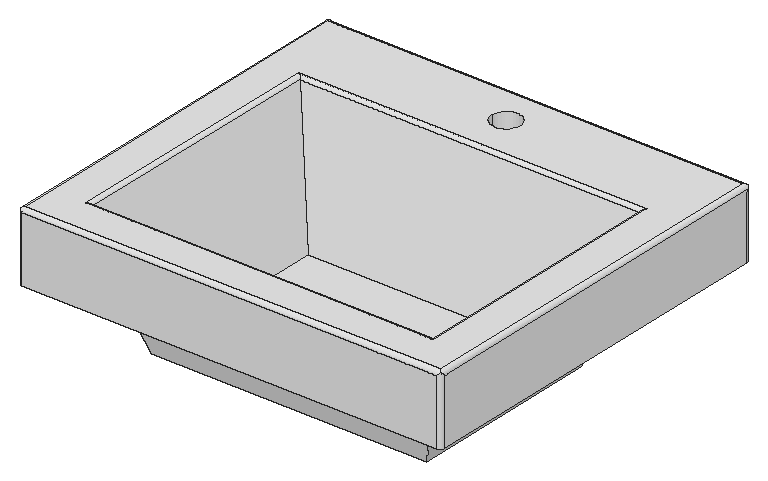
Revit family "Kwando Basin Family", category Plumbing Fixtures, Revit 2023
Family settings
  Round Connector Dimension = Use Diameter
  Part Type = Normal
  OmniClass Number = 23.45.00.00
  OmniClass Title = Sanitary, Laundry, and Cleaning Equipment
  Work Plane-Based = No
  Enable Cutting in Views = No
  Always vertical = Yes
  Cut with Voids When Loaded = No
  Maintain Annotation Orientation = No
  Shared = No
  Room Calculation Point = No
Parameters
  Silver = Silver
  Default Elevation = 0 mm
  Ceramic = Ceramic
Reference planes
  plane 1 "Center (Front/Back)": y = 0
  plane 2: z = 0
  plane 3 "Center (Left/Right)": x = 0
  plane 4: z = 85
  plane 5: y = -475
  plane 6: y = -425
  plane 7: y = -374.242
  plane 8: z = 170
  plane 9: z = 157
  plane 10: y = -462
  plane 11: z = 13
  plane 12 "Center L/S": x = 260
Forms (mm)
  Sweep 1, solid, material "Ceramic" <- "Ceramic"
    path origin (0, 0, 0) x (1, 0, 0) y (0, 1, 0)
      loop
        line (-260, -475) -> (260, -475) -> (260, -55.123) -> (-260, -55.123) -> (-260, -475)
    profile origin (0, -475, 0) x (0, 1, 0) y (0, 0, 1)
      loop
        line (46.362, 170) -> (0, 170) -> (0, 85) -> (13, 85) -> (13, 157) -> (40.54, 157) -> (91.298, 0) -> (130.758, 0) -> (130.758, 13) -> (100.758, 13) -> (51.119, 166.538)
        arc (51.119, 166.538) -> (49.304, 169.043) -> (46.362, 170) r 5
  Extrusion 2, solid, material "Ceramic" <- "Ceramic"
    sketch origin (0, 0, 0) x (1, 0, 0) y (0, 1, 0)
      loop
        line (-260, -55.123) -> (260, -55.123) -> (260, 0) -> (-260, 0) -> (-260, -55.123)
    from 85 to 170
  Extrusion 3, solid, material "Ceramic" <- "Ceramic"
    sketch origin (0, 0, 0) x (1, 0, 0) y (0, 1, 0)
      loop
        line (-129.242, -185.88) -> (-129.242, -344.242) -> (129.242, -344.242) -> (129.242, -185.88) -> (-129.242, -185.88)
    from 0 to 13
  Extrusion 4, void
    sketch origin (0, 0, 0) x (1, 0, 0) y (0, 1, 0)
      loop
        circle (0, -265.061) r 22.5
      loop
        circle (0, -50.123) r 17.5
    from 0 to 193.707
  Revolve 5, solid, material "Silver" <- "Silver"
    sketch origin (0, -73.061, -709.469) x (0, 1, 0) y (0, 0, 1)
      loop
        line (-169.5, 721.469) -> (-169.5, 722.469)
        arc (-169.5, 722.469) -> (-169.793, 723.176) -> (-170.5, 723.469) r 1
        line (-170.5, 723.469) -> (-176.5, 723.469)
        arc (-176.5, 723.469) -> (-177.207, 723.176) -> (-177.5, 722.469) r 1
        line (-177.5, 722.469) -> (-177.5, 718.713)
        arc (-177.5, 718.713) -> (-177.646, 718.359) -> (-178, 718.213) r 0.5
        line (-178, 718.213) -> (-192, 718.213) -> (-192, 717.213) -> (-176.15, 717.213) -> (-176.15, 720.469)
        arc (-176.15, 720.469) -> (-175.857, 721.176) -> (-175.15, 721.469) r 1
        line (-175.15, 721.469) -> (-169.5, 721.469)
      axis (-192, 717.213) -> (-192, 723.469)
    angle from 0 to 360
  Extrusion 6, void
    sketch origin (0, -73.061, -709.469) x (1, 0, 0) y (0, 1, 0)
      loop
        circle (0, -192) r 3
      loop
        circle (-8.778, -192) r 3
      loop
        circle (-4.389, -184.398) r 3
      loop
        circle (4.389, -184.398) r 3
      loop
        circle (8.778, -192) r 3
      loop
        circle (4.389, -199.602) r 3
      loop
        circle (-4.389, -199.602) r 3
    from 710.891 to 726.281
  Extrusion 7, void
    sketch origin (0, 0, 0) x (1, 0, 0) y (0, 1, 0)
      loop
        line (260, 0) -> (255, 0)
        arc (255, 0) -> (258.536, -1.464) -> (260, -5) r 5
        line (260, -5) -> (260, 0)
      loop
        line (-260, 0) -> (-260, -5)
        arc (-260, -5) -> (-258.536, -1.464) -> (-255, 0) r 5
        line (-255, 0) -> (-260, 0)
      loop
        line (260, -475) -> (260, -470)
        arc (260, -470) -> (258.536, -473.536) -> (255, -475) r 5
        line (255, -475) -> (260, -475)
      loop
        line (-260, -475) -> (-255, -475)
        arc (-255, -475) -> (-258.536, -473.536) -> (-260, -470) r 5
        line (-260, -470) -> (-260, -475)
    from 0 to 170
  Sweep 8, void
    path origin (-260, -475, 170) x (1, 0, 0) y (0, 1, 0)
      loop
        line (520, 475) -> (0, 475) -> (0, 0) -> (520, 0) -> (520, 475)
    profile origin (0, 0, 170) x (0, -1, 0) y (0, 0, 1)
      loop
        line (0, 0) -> (0, -5)
        arc (0, -5) -> (1.464, -1.464) -> (5, 0) r 5
        line (5, 0) -> (0, 0)
Cuts and joins
  Extrusion 4, Extrusion 7, Sweep 8 cuts Sweep 1
  Extrusion 4, Extrusion 7, Sweep 8 cuts Extrusion 2
  Extrusion 4, Extrusion 7, Sweep 8 cuts Extrusion 3
  joined: Sweep 1, Extrusion 2, Extrusion 3
  Extrusion 6 cuts Revolve 5
Dimensions and locks
  plane 5 to plane 1 "Center (Front/Back)" = 475 mm
  cut or joined group of Sweep 1, Extrusion 2, Extrusion 3, Extrusion 4, Extrusion 7, Sweep 8 to cut or joined group of Sweep 1, Extrusion 2, Extrusion 3, Extrusion 4, Extrusion 7, Sweep 8 = 520 mm
  aligned and locked: level to plane 2
